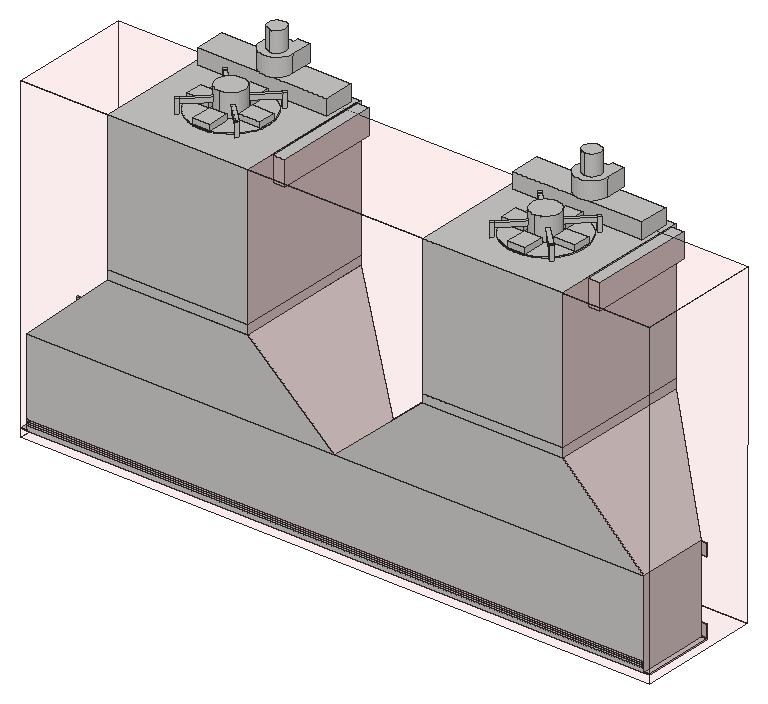
Revit family "Air-Curtain_Climate-Control_PoweredAire_TIG-2Heater", category Mechanical Equipment, host Face, Revit 2018
Family settings
  Host = Face
  Round Connector Dimension = Use Diameter
  Part Type = Normal
  OmniClass Number = 23.75.35.17.21
  OmniClass Title = Air Curtains
  Cut with Voids When Loaded = No
  Shared = No
  Room Calculation Point = No
Parameters (values of type "144'' Nozzle")
  upperrotation [instance] = 0.00°
  lowerrotation [instance] = 0.00°
  locateupperpipe [instance] = 0' - 0"
  locatelowerpipe [instance] = 0' - 0"
  Warranty Duration (Years) = 0
  Unit Width Notes = "Other Widths available."  # constant formula
  Unit Width = 12' - 3 7/32"
  Unit Weight = 1000
  Unit Height = 1' - 4 3/4"
  Unit Depth = 1' - 8 1/4"
  URL = "http://www.poweredaire.com/"
  Test Data = ""
  Standards Conformance = "ETL  ;  Made in USA"
  Specification = "http://www.arcat.com/sdspecs/htm04/23_34_33pai.htm"
  SpecWizard = ""
  Sound Pressure = ">63 dBA"
  Sales Information = "http://www.poweredaire.com/contact_us"
  Revision = "R1_2016-08"
  Projection from Host [instance] = 0' - 2"
  Product Properties = ""
  Product Data = "http://www.arcat.com/arcatcos/cos47/arc47623.html"
  Power Rating = 0 W
  Piping_Water Flow [instance] = 0 GPM
  Piping_Operating Pressure [instance] = 0.00 psi
  Piping_Exit Temperature [instance] = 0 °F
  Piping_Entry Temperature [instance] = 0 °F
  Pipe OD [instance] = 5/8"
  Overall Depth = 6' - 0 3/4"
  Nozzle Width = if(1 = 1, Unit Width - 0' 3", 0' 0")  # 12' - 0 7/32"
  Mounting Width = if(1 = 1, Unit Width - 0' 1 1/2", 0' 0")  # 12' - 1 23/32"
  Mounting Height [instance] = 3' - 6"
  Motor RPM = 1630
  Motor HP = 0.75
  Motor Count = 4
  Model = "TIG-4-144"
  Max Height = 12' - 0"
  Manufacturer Website = "http://www.poweredaire.com/"
  Manufacturer Phone - Toll Free = "888-321-2473"
  Manufacturer Phone = "724-588-3305"
  Manufacturer Fax = "724-588-3371"
  Manufacturer Address = "109 Mortensen Rd.  Greenville, PA 16125"
  Manufacturer = "Powered Aire, Inc"
  Maintenance Schedule (Months) = 0
  Keynote = "23 34 33"
  Installation-Fabrication = ""
  Installation Phase = ""
  Include Clearance [instance] = yes
  Heating Element Load = 0 W
  Heater Weight = 0
  Heater Hanging Width = 2' - 6 5/8"
  Heater Finish [instance] = Metal - Steel - PoweredAire - Stainless 304
  HVAC_Temperature Rise = 36 °F
  HVAC_Primary CFM = 0 CFM
  HVAC_Outlet Volume = 10200 CFM
  HVAC_Outlet Velocity Uniformity = 0.95
  HVAC_Outlet Velocity = 3700 FPM
  HVAC_Exit Temperature [instance] = 0 °F
  HVAC_BTU Output = 400000.0 Btu/h
  HVAC_BTU Input = 250000.0 Btu/h
  Green Building-LEED = "http://www.arcat.com/green/clients/leed_data_47623.html"
  Gas Connection Diameter [instance] = 0"
  Frame Finish [instance] = Metal - Steel - PoweredAire - Stainless 304
  Expected Lifespan (Years) = 0
  Exhaust Connection Diameter = 0' - 5"
  Electrical_Wattage [instance] = Power Rating + Heating Element Load  # 0 W
  Electrical_Voltage [instance] = 0 V
  Electrical_Phase [instance] = 1
  Electrical_Frequency [instance] = 0 Hz
  Electrical_Amperage [instance] = 0 A
  Drawn By = "Sumex Design, Inc. / Robert S. Weygant, CSI, CDT, SCIP"
  Description = "Powered Aire Indirect Gas Heated Climate Control Air Curtain - TIG-4-144 as Specified"
  Default Elevation = 0' - 0"  # constant formula
  Copyright = "©Arcat Inc."
  Construction Details = "http://www.arcat.com/details/powair/prod3336.html"
  Clearance_Top [instance] = 1' - 0"
  Clearance_Side B [instance] = 0' - 0"
  Clearance_Side A [instance] = 0' - 0"
  Clearance_Intake [instance] = 0' - 0"
  Clearance_Bottom [instance] = 0' - 0"
  Clearance Material [instance] = ARCAT Clearance
  Building Codes = ""
  Available Options [instance] = "as Specified"
  Assembly Code = "D3090400"
Types (3): name | Unit Width | Unit Weight | Nozzle Width | Mounting Width | Motor Count | Model | HVAC_Temperature Rise | HVAC_Outlet Volume | HVAC_Outlet Velocity Uniformity | HVAC_Outlet Velocity | HVAC_BTU Output | HVAC_BTU Input | Description
  144'' Nozzle | 12' - 3 7/32" | 1000 | 12' - 0 7/32" | 12' - 1 23/32" | 4 | "TIG-4-144" | 36 °F | 10200 CFM | 0.95 | 3700 FPM | 400000.0 Btu/h | 250000.0 Btu/h | "Powered Aire Indirect Gas Heated Climate Control Air Curtain - TIG-4-144 as Specified"
  132'' Nozzle | 11' - 3 5/32" | 830 | 11' - 0 5/32" | 11' - 1 21/32" | 3 | "TIG-3-132" | 39 °F | 7600 CFM | 0.94 | 2800 FPM | 320000.0 Btu/h | 200000.0 Btu/h | "Powered Aire Indirect Gas Heated Climate Control Air Curtain - TIG-3-132 as Specified"
  120'' Nozzle | 10' - 3 5/32" | 680 | 10' - 0 5/32" | 10' - 1 21/32" | 3 | "TIG-3-120" | 39 °F | 7600 CFM | 0.95 | 3200 FPM | 320000.0 Btu/h | 200000.0 Btu/h | "Powered Aire Indirect Gas Heated Climate Control Air Curtain - TIG-3-120 as Specified"
Reference planes (in)
  plane 1 "Center (Elevation)": y = 0.13818
  plane 2: z = 0
  plane 3 "Center (Left/Right)": x = 0
  plane 4 "Top": y = 8.51318
  plane 5: y = -8.23682
  plane 6: x = -73.60937
  plane 7: x = 73.60938
  plane 8 "Front": z = 22.25
  plane 9 "FF": y = -41.86182
  plane 10: z = 2
  plane 11: x = 72.10937
  plane 12: x = -72.10937
  plane 13: y = 20.51318
  plane 14: y = -8.23682
  plane 15: x = -73.60937
  plane 16: x = 73.60938
  plane 17: z = 74.75
  plane 18: x = 72.04688
  plane 19: x = -72.04687
  plane 20: x = 72.10937
  plane 21: x = 72.10937
  plane 22: y = 6.01318
  plane 23: y = -5.73682
  plane 24: z = 74.75
  plane 25: z = 42.25
  plane 26: z = 40.25
  plane 27: x = -52.11719
  plane 28: x = -21.49219
  plane 29: x = -53.17969
  plane 30: x = -20.42969
  plane 31: x = 21.49219
  plane 32: x = 52.11719
  plane 33: x = 20.42969
  plane 34: x = 53.17969
  plane 35: x = -36.80469
  plane 36: x = 36.80469
Forms (in)
  Extrusion 1, solid, material "Metal - Steel - PoweredAire - Stainless 304" <- "Frame Finish"
    sketch origin (0, 0, 0) x (0, 1, 0) y (0, 0, 1)
      loop
        line (-8.23682, 2) -> (8.51318, 2) -> (8.51318, 22.25) -> (-8.23682, 22.25) -> (-8.23682, 2)
    from -72.10937 to 72.10937
  Extrusion 2, solid, material "ARCAT Clearance" <- "Clearance Material", visible <- "Include Clearance"
    sketch origin (0, 0, 0) x (0, 1, 0) y (0, 0, 1)
      loop
        line (-8.23682, 74.75) -> (-8.23682, 0) -> (20.51318, 0) -> (20.51318, 74.75) -> (-8.23682, 74.75)
    from -73.60938 to 73.60937
  Extrusion 3, solid, material "Metal - Steel - PoweredAire - Stainless 304" <- "Frame Finish"
    sketch origin (-15.17702, -180, 2) x (-1, 0, 0) y (0, -1, 0)
      loop
        line (-87.2864, -188.51318) -> (-87.2864, -171.76318) -> (-88.7864, -171.76318) -> (-88.7864, -188.51318) -> (-87.2864, -188.51318)
      loop
        line (56.93235, -188.51318) -> (58.43235, -188.51318) -> (58.43235, -171.76318) -> (56.93235, -171.76318) -> (56.93235, -188.51318)
    from 0 to 0.125
  Extrusion 4, solid, material "Metal - Steel - PoweredAire - Stainless 304" <- "Frame Finish"
    sketch origin (-11.83813, 8.51318, 48) x (-1, 0, 0) y (0, 0, 1)
      loop
        line (-83.9475, -45.5) -> (-83.9475, -42.75) -> (-85.4475, -42.75) -> (-85.4475, -45.5) -> (-83.9475, -45.5)
      loop
        line (-83.9475, -28.5) -> (-83.9475, -25.75) -> (-85.4475, -25.75) -> (-85.4475, -28.5) -> (-83.9475, -28.5)
      loop
        line (60.27125, -45.5) -> (61.77125, -45.5) -> (61.77125, -42.75) -> (60.27125, -42.75) -> (60.27125, -45.5)
      loop
        line (60.27125, -28.5) -> (61.77125, -28.5) -> (61.77125, -25.75) -> (60.27125, -25.75) -> (60.27125, -28.5)
    from 0 to -0.125
  Extrusion 5, void
    sketch origin (0, 0, 0) x (0, 1, 0) y (0, 0, 1)
      loop
        line (-8.23682, 3) -> (-7.23682, 3) -> (-7.23682, 4.5) -> (-8.23682, 4.5) -> (-8.23682, 3.82425) -> (-7.38364, 3.82425) -> (-7.38364, 3.57425) -> (-8.23682, 3.57425) -> (-8.23682, 3)
    from -72.04687 to 72.04687
  Blend 6, solid, material "Metal - Steel - PoweredAire - Stainless 304" <- "Frame Finish"
    base sketch origin (-15.17702, -180, 22.25) x (-1, 0, 0) y (0, -1, 0)
      loop
        line (56.93235, -188.51318) -> (56.93235, -171.76318) -> (-15.17702, -171.76318) -> (-15.17702, -188.51318) -> (56.93235, -188.51318)
    top sketch origin (-15.17702, -180, 22.25) x (-1, 0, 0) y (0, -1, 0)
      loop
        line (38.00267, -171.76318) -> (5.25267, -171.76318) -> (5.25267, -204.76318) -> (38.00267, -204.76318) -> (38.00267, -171.76318)
    from 0 to 18
  Blend 7, solid, material "Metal - Steel - PoweredAire - Stainless 304" <- "Frame Finish"
    base sketch origin (15.17702, -180, 22.25) x (1, 0, 0) y (0, 1, 0)
      loop
        line (56.93235, 188.51318) -> (-15.17702, 188.51318) -> (-15.17702, 171.76318) -> (56.93235, 171.76318) -> (56.93235, 188.51318)
    top sketch origin (15.17702, -180, 22.25) x (1, 0, 0) y (0, 1, 0)
      loop
        line (38.00267, 171.76318) -> (38.00267, 204.76318) -> (5.25267, 204.76318) -> (5.25267, 171.76318) -> (38.00267, 171.76318)
    from 0 to 18
Cuts and joins
  Extrusion 5 cuts Extrusion 1
Dimensions and locks (in)
  equal spacing: plane 4 "Top", plane 1 "Center (Elevation)", plane 5
  "Unit Height": plane 4 "Top" to plane 5
  "Unit Width": plane 6 to plane 7
  "Mounting Height": plane 1 "Center (Elevation)" to plane 9 "FF"
  "Projection from Host": plane 10 to level
  "Unit Depth": plane 8 "Front" to plane 10
  locked: plane 6 to plane 12 at 1.5
  locked: plane 11 to plane 7 at 1.5
  "Clearance_Side A": plane 7 to plane 16
  "Clearance_Side B": plane 15 to plane 6
  "Clearance_Top": plane 13 to plane 4 "Top"
  "Clearance_Bottom": plane 5 to plane 14
  "Clearance_Intake": plane 17 to plane 24
  Extrusion 5 sketch curve to Extrusion 5 sketch curve to Extrusion 5 sketch curve to Extrusion 5 sketch curve to plane 10 = 0' - 0.67575" locked, 0' - 0 1/4" locked, 0' - 0.57425" locked, 0' - 1" locked
  plane 5 to Extrusion 5 sketch curve to Extrusion 5 sketch curve = 0' - 0.85319" locked, 0' - 0.14681" locked
  locked: plane 19 to plane 12 at 0.0625
  locked: plane 11 to plane 18 at 0.0625
  "locateupperpipe": plane 20 to plane 11
  "locatelowerpipe": plane 21 to plane 11
  locked: plane 4 "Top" to plane 22 at 2.5
  locked: plane 23 to plane 5 at 2.5
  "Overall Depth": plane 24 to plane 10
  locked: plane 25 to plane 26 at 2
  locked: plane 24 to plane 25 at 32.5
  locked: Blend 6 sketch curve to plane 5 at 33
  Extrusion 4 sketch curve to Extrusion 4 sketch curve to plane 10 = 0' - 2 3/4" locked, 0' - 0 1/2" locked  (x2)
  plane 8 "Front" to Extrusion 4 sketch curve to Extrusion 4 sketch curve = 0' - 0" locked, 0' - 2 3/4" locked  (x2)
  locked: plane 28 to plane 30 at 1.0625
  locked: plane 29 to plane 27 at 1.0625
  locked: plane 32 to plane 34 at 1.0625
  locked: plane 33 to plane 31 at 1.0625
  equal spacing: plane 6, plane 35, plane 3 "Center (Left/Right)", plane 36, plane 7
  equal spacing: plane 27, plane 35, plane 28
  "Heater Hanging Width": plane 27 to plane 28
  equal spacing: plane 31, plane 36, plane 32
  "Heater Hanging Width": plane 31 to plane 32
  locked: Blend 7 sketch curve to plane 5 at 33
  aligned and locked: plane 2 to host face
  aligned and locked: level to host face
  aligned and locked: Extrusion 2 sketch curve to plane 17
  aligned and locked: plane 14 to Extrusion 2 sketch curve
  aligned and locked: level to Extrusion 2 sketch curve
  aligned and locked: Extrusion 2 sketch curve to plane 13
  aligned and locked: plane 16 to Extrusion 2
  aligned and locked: Extrusion 2 to plane 15
  aligned and locked: plane 11 to Extrusion 1
  aligned and locked: Extrusion 1 to plane 12
  aligned and locked: Extrusion 1 sketch curve to plane 8 "Front"
  aligned and locked: plane 24 to nested 1
  aligned and locked: plane 5 to Blend 6 sketch curve
  aligned and locked: plane 12 to Blend 6 sketch curve
  aligned and locked: Blend 6 sketch curve to plane 4 "Top"
  aligned and locked: Blend 6 sketch curve to plane 5
  aligned and locked: plane 26 to Blend 6
  aligned and locked: plane 35 to nested 1
  aligned and locked: plane 36 to nested 2
  aligned and locked: plane 24 to nested 2
  aligned and locked: Blend 6 sketch curve to plane 3 "Center (Left/Right)"
  aligned and locked: Blend 6 sketch curve to plane 29
  aligned and locked: plane 30 to Blend 6 sketch curve
  aligned and locked: Blend 7 sketch curve to plane 5  (x2)
  aligned and locked: Blend 7 sketch curve to plane 3 "Center (Left/Right)"
  aligned and locked: plane 11 to Blend 7 sketch curve
  aligned and locked: Blend 7 sketch curve to plane 4 "Top"
  aligned and locked: plane 33 to Blend 7 sketch curve
  aligned and locked: Blend 7 sketch curve to plane 34
  aligned and locked: plane 18 to cut or joined group of Extrusion 1, Extrusion 5
  aligned and locked: cut or joined group of Extrusion 1, Extrusion 5 to plane 19
Automatic sketch dimensions
  host sketch curve to host sketch curve = 8' - 0"  (x2)
  Extrusion 1 sketch curve to plane 5 = 0' - 0"
  Extrusion 1 sketch curve to plane 4 "Top" = 0' - 0"
  Extrusion 1 sketch curve to plane 10 = 0' - 0"
  plane 4 "Top" to Extrusion 3 sketch curve = 0' - 0"
  Extrusion 3 sketch curve to plane 7 = 0' - 0"
  plane 5 to Extrusion 3 sketch curve = 0' - 0"
  Extrusion 3 sketch curve to plane 11 = 0' - 0"
  Extrusion 3 sketch curve to plane 4 "Top" = 0' - 0"
  Extrusion 3 sketch curve to plane 12 = 0' - 0"
  Extrusion 3 sketch curve to plane 6 = 0' - 0"
  Extrusion 3 sketch curve to plane 5 = 0' - 0"
  Extrusion 4 sketch curve to plane 7 = 0' - 0"  (x2)
  Extrusion 4 sketch curve to plane 11 = 0' - 0"  (x2)
  Extrusion 4 sketch curve to plane 12 = 0' - 0"  (x2)
  Extrusion 4 sketch curve to plane 6 = 0' - 0"  (x2)
  Extrusion 5 sketch curve to plane 5 = 0' - 0"  (x2)
Nested families (in)
  nested 1: "Heater" at (-36.80469, -8.23682, 42.2987) x (1, 0, 0) z (0, 1, 0), finish <- "Heater Finish", burner width <- "Heater Hanging Width", type "Heater"
    with finish Metal - Steel - PoweredAire - Stainless 304, burner width 2' - 6 5/8", Two Fan no, One Fan yes
  nested 2: "Heater" at (36.80469, -8.23682, 42.2987) x (1, 0, 0) z (0, 1, 0), finish <- "Heater Finish", burner width <- "Heater Hanging Width", type "Heater"
    with finish Metal - Steel - PoweredAire - Stainless 304, burner width 2' - 6 5/8", Two Fan no, One Fan yes
Connectors (in)
  electrical at (-72.10937, 0.13818, 12.125), driven by "Electrical_Voltage", driven by "Electrical_Phase"
    settings: on cut or joined group of Extrusion 1, Extrusion 5, index 3, voltage 0 V, apparent load 0 VA, apparent load phase1 0 VA, apparent load phase2 0 VA, apparent load phase3 0 VA, power factor 1, load classification "Motor", number of poles 1, system type 31, power factor state 1, is connector primary yes, connector utility no, sub classification motor no, connector description ""
  hvac at (-33.80469, 24.76318, 80.40625), driven by "Exhaust Connection Diameter", driven by "HVAC_Primary CFM"
    settings: on nested 1, index 4, duct flow 0 CFM, flow factor 0, pres drop 0.00 in-wg, loss coef 0, conn angle 0.00°, conn width 12", conn height 12", conn diameter 5", duct sys type 3, conn prof type 0, flow config 0, flow direction 2, loss method 0, conn ref index -1, conn util no, is conn primary yes, conn desc ""
  hvac at (39.80469, 24.76318, 80.40625), driven by "HVAC_Primary CFM", driven by "Exhaust Connection Diameter"
    settings: on nested 2, index 5, duct flow 0 CFM, flow factor 0, pres drop 0.00 in-wg, loss coef 0, conn angle 0.00°, conn width 12", conn height 12", conn diameter 5", duct sys type 3, conn prof type 0, flow config 0, flow direction 2, loss method 0, conn ref index -1, conn util no, is conn primary no, conn desc ""
Definition of nested family "Heater"
  Parameters
    finish [instance] = none
    burner width [instance] = 4' - 0 5/8"
    burner depth = 3' - 8 3/4"
    Two Fan [instance] = burner width > 4' 0"  # yes
    One Fan [instance] = burner width < 4' 0"  # no
    Default Elevation = 0' - 0"  # constant formula
  Reference planes (in)
    plane 1 "Center (Front/Back)": y = 0
    plane 2: z = 0
    plane 3 "Center (Left/Right)": x = 0
    plane 4: x = -25.375
    plane 5: x = 25.375
    plane 6: z = 33
    plane 7: y = -44.75
    plane 8: x = 3
    plane 9: x = 4.375
    plane 10: x = -12.6875
    plane 11: x = 12.6875
    plane 12: z = 15.5
    plane 13: x = -24.3125
    plane 14: x = 24.3125
  Forms (in)
    Extrusion 1, solid, material <- "finish"
      sketch origin (-74.94554, -3, 38.65968) x (0, 0, 1) y (1, 0, 0)
        loop
          line (-5.65968, 49.57054) -> (-5.65968, 100.32054) -> (-38.65968, 100.32054) -> (-38.65968, 49.57054) -> (-5.65968, 49.57054)
      from 3 to -29.4513
    Extrusion 2, solid, material <- "finish"
      sketch origin (0, 0, 0) x (0, 1, 0) y (0, 0, 1)
        loop
          line (2, 0) -> (2, 33) -> (0, 33) -> (0, 0) -> (2, 0)
      from -25.375 to 25.375
    Extrusion 3, solid, material <- "finish"
      sketch origin (-74.94554, -32.4513, 38.65968) x (0, 0, 1) y (1, 0, 0)
        loop
          line (-6.91591, 50.82971) -> (-6.91591, 99.10844) -> (-13.91591, 99.10844) -> (-13.91591, 50.82971) -> (-6.91591, 50.82971)
      from 0 to -3.625
    Extrusion 4, solid, material <- "finish"
      sketch origin (-74.94554, -36.0763, 38.65968) x (0, 0, 1) y (1, 0, 0)
        loop
          arc (-10.4052, 79.32054) -> (-12.67312, 72.60509) -> (-6.79809, 76.57054) r 3.74068
          line (-6.79809, 76.57054) -> (-5.65968, 76.57054) -> (-5.65968, 79.32054) -> (-10.4052, 79.32054)
      from 0 to -4.0625
    Extrusion 5, solid, material <- "finish"
      sketch origin (-73.58006, -40.1388, 35.52564) x (0, 0, -1) y (1, 0, 0)
        loop
          circle (7.27116, 74.21438) r 2
      from 4.6112 to 0
    Extrusion 6, solid, material <- "finish"
      sketch origin (0, 0, 0) x (1, 0, 0) y (0, 1, 0)
        loop
          line (28.3125, -32.4513) -> (28.3125, -26.7013) -> (25.3125, -26.7013) -> (25.3125, -32.4513) -> (28.3125, -32.4513)
      from 7.25 to 31.75
    Extrusion 7, solid, material <- "finish", visible <- "Two Fan"
      sketch origin (0, 0, 0) x (0, 1, 0) y (0, 0, 1)
        loop
          line (-32.4513, 6.22268) -> (-44.15658, 5.1986) -> (-44.15658, 4.4486) -> (-32.4513, 4.85736) -> (-32.4513, 6.22268)
      from -25.375 to 25.375
  Dimensions and locks (in)
    locked: Extrusion 4 sketch curve to Extrusion 4 sketch curve at 2.75
    "burner width": plane 13 to plane 14
    locked: plane 6 to level at 33
    "burner depth": plane 7 to plane 1 "Center (Front/Back)"
    locked: plane 8 to plane 9 at 1.375
    Extrusion 4 sketch curve to Extrusion 4 sketch curve to plane 8 = 0' - 0.99068" locked, 0' - 1 3/8" locked
    locked: Extrusion 5 sketch curve to plane 8 at 2.36568
    locked: plane 8 to plane 3 "Center (Left/Right)" at 3
    Extrusion 6 sketch curve to plane 5 to Extrusion 6 sketch curve = 0' - 0 1/16" locked, 0' - 2 15/16" locked
    equal spacing: plane 5, plane 11, plane 3 "Center (Left/Right)", plane 10, plane 4
    locked: plane 4 to plane 13 at 1.0625
    locked: plane 14 to plane 5 at 1.0625
    aligned and locked: plane 2 to level
    aligned: Extrusion 4 to Extrusion 5
    aligned: Extrusion 3 to Extrusion 2  (x2)
    aligned and locked: plane 7 to Extrusion 5
    aligned and locked: plane 4 to Extrusion 1 sketch curve
    aligned and locked: Extrusion 1 sketch curve to plane 5
    aligned and locked: Extrusion 7 to plane 4
    aligned and locked: plane 5 to Extrusion 7
    aligned and locked: plane 12 to nested 1
    aligned and locked: plane 3 "Center (Left/Right)" to nested 1
    aligned and locked: plane 12 to nested 3
    aligned and locked: plane 11 to nested 3
    aligned and locked: plane 10 to nested 2
    aligned and locked: plane 12 to nested 2
    aligned and locked: plane 5 to Extrusion 2
    aligned and locked: Extrusion 2 to plane 4
  Automatic sketch dimensions
    Extrusion 1 to Extrusion 3 sketch curve = 0' - 1.25917"
    Extrusion 1 to Extrusion 3 sketch curve = 0' - 8.25624"
    Extrusion 1 to Extrusion 3 sketch curve = 0' - 1.2121"
    Extrusion 1 to Extrusion 3 sketch curve = 0' - 1.25624"
    Extrusion 4 sketch curve to Extrusion 3 = 0' - 0.11782"
    Extrusion 4 sketch curve to Extrusion 3 = 0' - 1.25624"
    Extrusion 5 sketch curve to Extrusion 4 = 0' - 4.74552"
    Extrusion 1 sketch curve to level = 0' - 0"
    Extrusion 1 sketch curve to plane 6 = 0' - 0"
    Extrusion 2 sketch curve to level = 0' - 0"
    Extrusion 2 sketch curve to plane 1 "Center (Front/Back)" = 0' - 0"
    Extrusion 2 sketch curve to plane 6 = 0' - 0"
    Extrusion 2 sketch curve to Extrusion 2 sketch curve = 0' - 2"
    Extrusion 6 sketch curve to plane 7 = 1' - 0.2987"
    Extrusion 6 sketch curve to Extrusion 6 sketch curve = 0' - 5 3/4"
    Extrusion 7 sketch curve to plane 7 = 0' - 0.59342"
    level to Extrusion 7 sketch curve = 0' - 4.4486"
    Extrusion 7 sketch curve to Extrusion 7 sketch curve = 0' - 0 3/4"
    level to Extrusion 7 sketch curve = 0' - 4.85736"
    Extrusion 7 sketch curve to Extrusion 7 sketch curve = 0' - 11.70529"
    Extrusion 7 sketch curve to Extrusion 7 sketch curve = 0' - 1.36532"
    radius of Extrusion 5 sketch curve = 0' - 2"
  Nested families (in)
    nested 1: "FanControls" at (0, -32.4513, 15.5) x (1, 0, 0) z (0, -1, 0), finish <- "finish", visible <- "One Fan", type "FanControls"
      with finish none
    nested 2: "FanControls" at (-12.6875, -32.4513, 15.5) x (1, 0, 0) z (0, -1, 0), finish <- "finish", visible <- "Two Fan", type "FanControls"
      with finish none
    nested 3: "FanControls" at (12.6875, -32.4513, 15.5) x (1, 0, 0) z (0, -1, 0), finish <- "finish", visible <- "Two Fan", type "FanControls"
      with finish none
  Definition of nested family "FanControls"
    Parameters
      finish [instance] = none
      Default Elevation = 4' - 0"
    Reference planes (in)
      plane 1 "Center (Front/Back)": y = 0
      plane 2: z = 0
      plane 3 "Center (Left/Right)": x = 0
    Forms (in)
      Extrusion 1, solid, material <- "finish"
        sketch origin (-75.00804, 32.07233, 0) x (1, 0, 0) y (0, -1, 0)
          loop
            circle (75.00804, 32.07233) r 3.25
        from -5.33075 to 0
      Extrusion 2, solid, material <- "finish"
        sketch origin (24.44581, -78.06044, 0) x (1, 0, 0) y (0, -1, 0)
          loop
            line (-22.50831, -86.58776) -> (-22.50831, -81.58776) -> (-26.50831, -81.58776) -> (-26.50831, -86.58776) -> (-22.50831, -86.58776)
          loop
            line (-22.50831, -69.53312) -> (-26.50831, -69.53312) -> (-26.50831, -74.53312) -> (-22.50831, -74.53312) -> (-22.50831, -69.53312)
          loop
            line (-15.98099, -76.06044) -> (-20.98099, -76.06044) -> (-20.98099, -80.06044) -> (-15.98099, -80.06044) -> (-15.98099, -76.06044)
          loop
            line (-33.03563, -76.06044) -> (-33.03563, -80.06044) -> (-28.03563, -80.06044) -> (-28.03563, -76.06044) -> (-33.03563, -76.06044)
        from 0 to -1.37288
      Extrusion 3, solid, material <- "finish"
        sketch origin (-75.00804, 21.40968, 0) x (1, 0, 0) y (0, -1, 0)
          loop
            line (68.02536, 14.95733) -> (68.55569, 14.427) -> (75.00804, 20.87935) -> (81.46039, 14.427) -> (81.99072, 14.95733) -> (75.53837, 21.40968) -> (81.99072, 27.86203) -> (81.46039, 28.39236) -> (75.00804, 21.94001) -> (68.55569, 28.39236) -> (68.02536, 27.86203) -> (74.47771, 21.40968) -> (68.02536, 14.95733)
        from -3.1123 to -2
      Extrusion 4, solid, material <- "finish"
        sketch origin (-75.00804, 21.40968, 0) x (1, 0, 0) y (0, -1, 0)
          loop
            line (68.02536, 13.89667) -> (68.55569, 14.427) -> (68.02536, 14.95733) -> (67.49503, 14.427) -> (68.02536, 13.89667)
          loop
            line (82.52105, 14.427) -> (81.99072, 14.95733) -> (81.46039, 14.427) -> (81.99072, 13.89667) -> (82.52105, 14.427)
          loop
            line (81.99072, 28.92269) -> (81.46039, 28.39236) -> (81.99072, 27.86203) -> (82.52105, 28.39236) -> (81.99072, 28.92269)
          loop
            line (67.49503, 28.39236) -> (68.02536, 27.86203) -> (68.55569, 28.39236) -> (68.02536, 28.92269) -> (67.49503, 28.39236)
        from 0 to -3.1123
      Extrusion 5, solid, material <- "finish"
        sketch origin (0, 0, 0) x (1, 0, 0) y (0, 1, 0)
          loop
            circle (0, 0) r 9
        from 0 to 0.14961
    Dimensions and locks (in)
      Extrusion 4 sketch curve to Extrusion 4 sketch curve to Extrusion 4 sketch curve to Extrusion 4 sketch curve = 0' - 0.53033" locked, 0' - 0" locked, 0' - 0.53033" locked  (x4)
      Extrusion 3 sketch curve to Extrusion 3 sketch curve to Extrusion 3 sketch curve to Extrusion 3 sketch curve to Extrusion 3 sketch curve = 0' - 5.92202" locked, 0' - 0" locked, 0' - 0.53033" locked, 0' - 0" locked
      Extrusion 3 sketch curve to Extrusion 3 sketch curve to Extrusion 3 sketch curve to Extrusion 3 sketch curve to Extrusion 3 sketch curve = 0' - 0" locked, 0' - 0.53033" locked, 0' - 0" locked, 0' - 5.92202" locked
      locked: Extrusion 2 sketch curve to Extrusion 2 sketch curve at 5  (x2)
      aligned and locked: plane 2 to level
